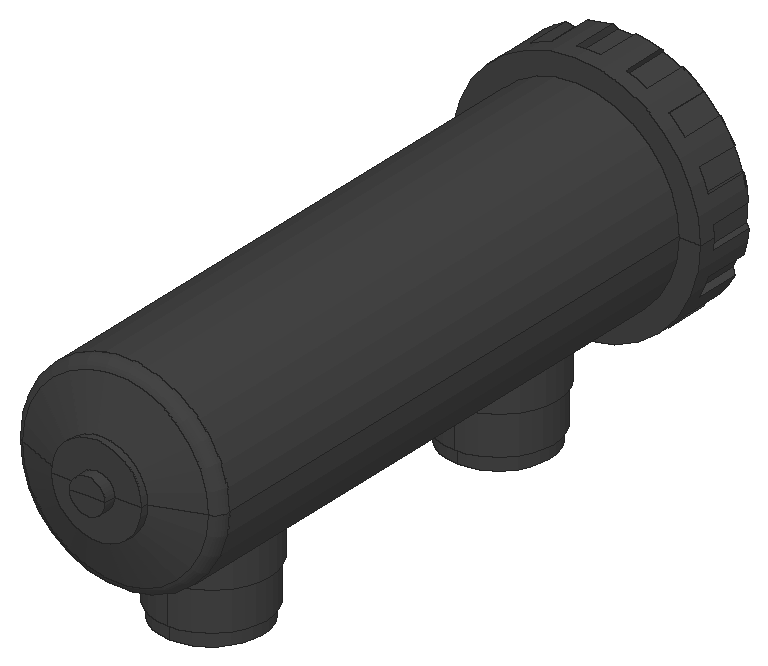
Revit family "Filter-Navien-NaviClean-GXXX001727", category Mechanical Equipment, host Face, Revit 2017
Family settings
  Host = Face
  Round Connector Dimension = Use Diameter
  Part Type = Normal
  OmniClass Number = 23.45.55.21
  OmniClass Title = Drains (Wastes)
  Cut with Voids When Loaded = No
  Shared = No
  Room Calculation Point = No
Parameters (values of type "NaviClean - GXXX001727")
  Width = 3.15"  # constant formula
  Weight = 7.50 lbf  # constant formula
  Version = "2017 - v1.0.a"  # constant formula
  URL = "https://www.navieninc.com"
  Type Comments = " "
  Product Page URL = "https://www.navieninc.com/products/nfc-175/accessories"
  Product Name = "NaviClean"  # constant formula
  Product Documentation Link = "https://www.navieninc.com/downloads/ncb-e-brochures-naviclean-flyer-en"
  Model = "GXXX001727"  # constant formula
  Material = ""
  Manufacturer Phone Number = "(949) 420-0420"  # constant formula
  Manufacturer Fax Number = "(949) 420-0430"  # constant formula
  Manufacturer Address = "20 Goodyear, Irvine, CA 92618"  # constant formula
  Manufacturer = "Navien, Inc."  # constant formula
  Keynote = ""
  Installation Type = "The NaviClean Magnetic Boiler Filter can be installed anywhere on the main system piping. To achieve best performance, it is recommended that the NaviClean be installed after the last heating zone and before the boiler. NaviClean is also fully compatible with Adey chemicals."  # constant formula
  Height = 10.28"  # constant formula
  Finish = Plastic - Navien - Black
  Description = "Magnetic Boiler Filter"  # constant formula
  Depth = 4.21"  # constant formula
  Default Elevation = 48"
  Copyright = "All contents copyright © Navien Inc."  # constant formula
  Assembly Code = ""
Reference planes (in)
  plane 1 "Center (Elevation)": y = 0
  plane 2: z = 0
  plane 3 "Center (Left/Right)": x = 0
  plane 4: z = 1.83277
  plane 5: y = 2.5725
  plane 6: y = -7.7075
  plane 7: x = 1.575
  plane 8: x = -1.575
  plane 9: y = 0
  plane 10: y = -5.51
Forms (in)
  Revolve 1, solid, material "Plastic - Navien - Black" <- "Finish"
    sketch origin (0, -7.96754, 1.83277) x (0, -1, 0) y (1, 0, 0)
      loop
        line (-0.0769, 0) -> (-0.0769, 0.27097) -> (-0.26004, 0.27097) -> (-0.26004, 0.69401) -> (-0.35995, 0.69401) -> (-0.6268, 1.4272)
        arc (-0.6268, 1.4272) -> (-0.70905, 1.53438) -> (-0.83789, 1.575) r 0.22463
        line (-0.83789, 1.575) -> (-9.4526, 1.575) -> (-9.4526, 1.91506) -> (-10.37505, 1.91506)
        arc (-10.37505, 1.91506) -> (-10.49661, 1.76398) -> (-10.54004, 1.575) r 0.43293
        line (-10.54004, 1.575) -> (-10.54004, 0.79644) -> (-10.63927, 0.79644) -> (-10.63927, 0.38755) -> (-10.88927, 0.38755)
        arc (-10.88927, 0.38755) -> (-10.98196, 0.3724) -> (-11.06502, 0.32854) r 0.2912
        line (-11.06502, 0.32854) -> (-11.06502, 0) -> (-0.0769, 0)
      axis (-11.06502, 0) -> (-0.0769, 0)
    angle from 0 to 360
  Revolve 2, solid, material "Plastic - Navien - Black" <- "Finish"
    sketch origin (0, -2.5675, 0) x (0, 1, 0) y (0, 0, 1)
      loop
        line (2.5675, -0.83779) -> (3.35727, -0.83779) -> (3.35727, -0.62178) -> (3.41143, -0.62178) -> (3.41143, 0) -> (3.46256, 0) -> (3.46256, 1.83277) -> (2.5675, 1.83277) -> (2.5675, -0.83779)
      axis (2.5675, 1.83277) -> (2.5675, -0.83779)
    angle from 0 to 360
  Revolve 3, solid, material "Plastic - Navien - Black" <- "Finish"
    sketch origin (0, -2.5675, 0) x (0, 1, 0) y (0, 0, 1)
      loop
        line (-2.9425, -0.83779) -> (-2.15273, -0.83779) -> (-2.15273, -0.62178) -> (-2.09857, -0.62178) -> (-2.09857, 0) -> (-2.04744, 0) -> (-2.04744, 1.83277) -> (-2.9425, 1.83277) -> (-2.9425, -0.83779)
      axis (-2.9425, 1.83277) -> (-2.9425, -0.83779)
    angle from 0 to 360
  Extrusion 4, void
    sketch origin (0, -2.5675, 0) x (1, 0, 0) y (0, 0, 1)
      loop
        line (0.17876, 3.94655) -> (-0.17876, 3.94655) -> (-0.17876, 3.62727) -> (0.17876, 3.62727) -> (0.17876, 3.94655)
      loop
        line (0.6431, 3.85427) -> (0.52101, 3.55925) -> (0.85136, 3.42254) -> (0.97345, 3.71756) -> (0.6431, 3.85427)
      loop
        line (2.11379, 1.65401) -> (2.11379, 2.01153) -> (1.7945, 2.01153) -> (1.7945, 1.65401) -> (2.11379, 1.65401)
      loop
        line (2.0215, 2.47587) -> (1.88479, 2.80622) -> (1.58977, 2.68413) -> (1.72648, 2.35378) -> (2.0215, 2.47587)
      loop
        line (1.36721, 3.45473) -> (1.14159, 3.22882) -> (1.39456, 2.97618) -> (1.62018, 3.20209) -> (1.36721, 3.45473)
      loop
        line (0.6431, -0.18874) -> (0.97345, -0.05203) -> (0.85136, 0.24299) -> (0.52101, 0.10629) -> (0.6431, -0.18874)
      loop
        line (2.0215, 1.18967) -> (1.72648, 1.31176) -> (1.58977, 0.98141) -> (1.88479, 0.85932) -> (2.0215, 1.18967)
      loop
        line (1.36721, 0.2108) -> (1.62018, 0.46344) -> (1.39456, 0.68936) -> (1.14159, 0.43672) -> (1.36721, 0.2108)
      loop
        line (-0.6431, 3.85427) -> (-0.97345, 3.71756) -> (-0.85136, 3.42254) -> (-0.52101, 3.55925) -> (-0.6431, 3.85427)
      loop
        line (-2.11379, 1.65401) -> (-1.7945, 1.65401) -> (-1.7945, 2.01153) -> (-2.11379, 2.01153) -> (-2.11379, 1.65401)
      loop
        line (-2.0215, 2.47587) -> (-1.72648, 2.35378) -> (-1.58977, 2.68413) -> (-1.88479, 2.80622) -> (-2.0215, 2.47587)
      loop
        line (-1.36721, 3.45473) -> (-1.62018, 3.20209) -> (-1.39456, 2.97618) -> (-1.14159, 3.22882) -> (-1.36721, 3.45473)
      loop
        line (-0.6431, -0.18874) -> (-0.52101, 0.10629) -> (-0.85136, 0.24299) -> (-0.97345, -0.05203) -> (-0.6431, -0.18874)
      loop
        line (-2.0215, 1.18967) -> (-1.88479, 0.85932) -> (-1.58977, 0.98141) -> (-1.72648, 1.31176) -> (-2.0215, 1.18967)
      loop
        line (-1.36721, 0.2108) -> (-1.14159, 0.43672) -> (-1.39456, 0.68936) -> (-1.62018, 0.46344) -> (-1.36721, 0.2108)
      loop
        line (0.17876, -0.28102) -> (0.17876, 0.03827) -> (-0.17876, 0.03827) -> (-0.17876, -0.28102) -> (0.17876, -0.28102)
    from -5.66498 to -4.29978
Cuts and joins
  Extrusion 4 cuts Revolve 1
Dimensions and locks (in)
  locked: host sketch curve to plane 3 "Center (Left/Right)" at 24.1875  (x20)
  locked: host sketch curve to plane 1 "Center (Elevation)" at 22  (x20)
  aligned and locked: plane 2 to host face
  aligned and locked: level to host face
